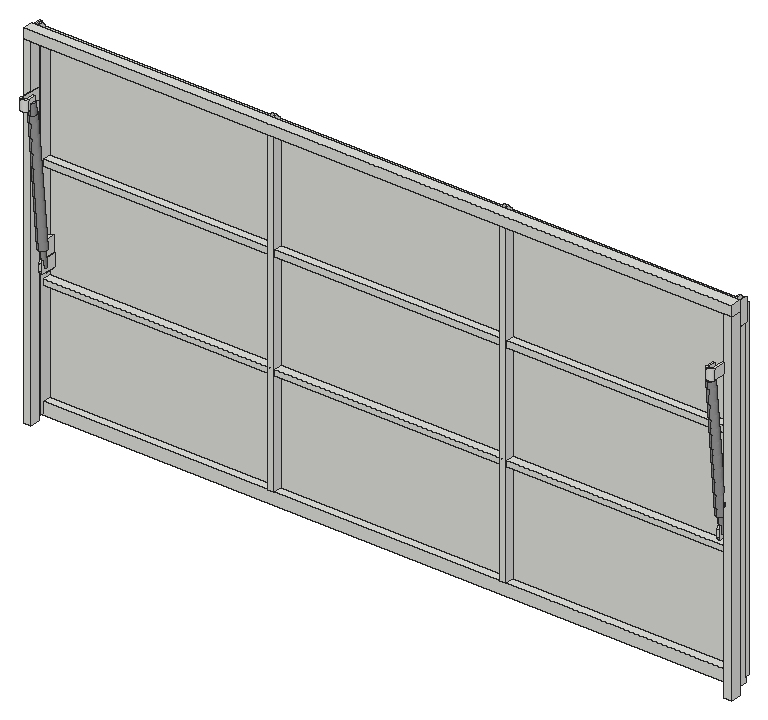
Revit family "Door-Hydraulic-PowerLift-Junior_Frame", category Doors, host Wall, Revit 2026
Family settings
  Host = Wall
  Classification Number = 23.30.10.00
  Always vertical = Yes
  Cut with Voids When Loaded = No
  Shared = No
  Room Calculation Point = No
Parameters (values of type "20'W x 10'H")
  Vertical Rail Spacing [instance] = 6' - 0"
  URL = "https://powerliftdoors.com/"
  Type Comments = "Door models are generic and may be resized in architectural software (Revit). Door construction materials (e.g. number of crossmembers, verticals, and all material sizes) may change for your project based on a number of factors including but not limited to cladding material, interior/exterior sheeting, insulation, and wind load design requirements in your area.\r\n\r\nDetail items such as top and bottom door seals, header and jamb fixing components, hoses, pumps, and pins are not included in these models as installation requirements vary depending on factors such as header and jamb material, thickness/depth, and mounting style (inside or outside mount). Omitting such details also minimizes file size.\r\n\r\nFor details regarding different installation configurations, fixing requirements, seal details, and any further questions, please visit www.powerliftdoors.com or contact Powerlift Doors directly at 1-855-368-9595.\r\n"
  Rough Width = Width  # 20' - 0"
  Rough Opening Width [instance] = if(Outside Mount, Width - (0' 2 1/2" * 2), Width)  # 19' - 7"
  Rough Opening Height [instance] = if(Outside Mount, Height - 0' 3 1/2", Height)  # 9' - 8 1/2"
  Rough Height = Height  # 10' - 0"
  Outside Mount [instance] = not(Inside Mount)  # yes
  Model = "Junior Frame"
  Metal Sheeting Thickness [instance] = 0' - 1"
  Metal Sheeting Material [instance] = Steel - PowerLift
  Manufacturer Website = ""
  Manufacturer Phone - Toll Free = "855-368-9595"
  Manufacturer Phone = "507-368-9500"
  Manufacturer Fax = "507-368-1358"
  Manufacturer Email = "https://powerliftdoors.com/contact/"
  Manufacturer Address = "1482 200th Ave., P.O. Box 311, Lake Benton, MN 56149"
  Manufacturer = "PowerLift Hydraulic Doors"
  Inside Mount [instance] = no
  Horizontal Rail Spacing [instance] = 3' - 0"
  Function = Exterior
  Height = 10' - 0"
  Wall Closure = By host
  Width = 20' - 0"
  Frame Offset [instance] = if(Inside Mount, 0' 7" + Metal Sheeting Thickness, 0' 0")  # 0' - 0"
  Frame Material [instance] = Steel - PowerLift
  Door Open [instance] = no
  Door Closed [instance] = not(Door Open)  # yes
  Description = "Hydraulic Door - Junior Frame"
  Bottom Truss Interior [instance] = no
  Bottom Truss Exterior [instance] = not(Bottom Truss Interior)  # yes
Types (24): name | Type Comments | Rough Width | Rough Opening Width | Rough Opening Height | Rough Height | Height | Width
  18'W x 14'H | "" | 18' - 0" | 17' - 7" | 13' - 8 1/2" | 14' - 0" | 14' - 0" | 18' - 0"
  20'W x 8'H | "Door models are generic and may be resized in architectural software (Revit). Door construction materials (e.g. number of crossmembers, verticals, and all material sizes) may change for your project based on a number of factors including but not limited to cladding material, interior/exterior sheeting, insulation, and wind load design requirements in your area.\r\n\r\nDetail items such as top and bottom door seals, header and jamb fixing components, hoses, pumps, and pins are not included in these models as installation requirements vary depending on factors such as header and jamb material, thickness/depth, and mounting style (inside or outside mount). Omitting such details also minimizes file size.\r\n\r\nFor details regarding different installation configurations, fixing requirements, seal details, and any further questions, please visit www.powerliftdoors.com or contact Powerlift Doors directly at 1-855-368-9595.\r\n" | 20' - 0" | 19' - 7" | 7' - 8 1/2" | 8' - 0" | 8' - 0" | 20' - 0"
  20'W x 10'H | "Door models are generic and may be resized in architectural software (Revit). Door construction materials (e.g. number of crossmembers, verticals, and all material sizes) may change for your project based on a number of factors including but not limited to cladding material, interior/exterior sheeting, insulation, and wind load design requirements in your area.\r\n\r\nDetail items such as top and bottom door seals, header and jamb fixing components, hoses, pumps, and pins are not included in these models as installation requirements vary depending on factors such as header and jamb material, thickness/depth, and mounting style (inside or outside mount). Omitting such details also minimizes file size.\r\n\r\nFor details regarding different installation configurations, fixing requirements, seal details, and any further questions, please visit www.powerliftdoors.com or contact Powerlift Doors directly at 1-855-368-9595.\r\n" | 20' - 0" | 19' - 7" | 9' - 8 1/2" | 10' - 0" | 10' - 0" | 20' - 0"
  20'W x 12'H | "Door models are generic and may be resized in architectural software (Revit). Door construction materials (e.g. number of crossmembers, verticals, and all material sizes) may change for your project based on a number of factors including but not limited to cladding material, interior/exterior sheeting, insulation, and wind load design requirements in your area.\r\n\r\nDetail items such as top and bottom door seals, header and jamb fixing components, hoses, pumps, and pins are not included in these models as installation requirements vary depending on factors such as header and jamb material, thickness/depth, and mounting style (inside or outside mount). Omitting such details also minimizes file size.\r\n\r\nFor details regarding different installation configurations, fixing requirements, seal details, and any further questions, please visit www.powerliftdoors.com or contact Powerlift Doors directly at 1-855-368-9595.\r\n" | 20' - 0" | 19' - 7" | 11' - 8 1/2" | 12' - 0" | 12' - 0" | 20' - 0"
  20'W x 14'H | "Door models are generic and may be resized in architectural software (Revit). Door construction materials (e.g. number of crossmembers, verticals, and all material sizes) may change for your project based on a number of factors including but not limited to cladding material, interior/exterior sheeting, insulation, and wind load design requirements in your area.\r\n\r\nDetail items such as top and bottom door seals, header and jamb fixing components, hoses, pumps, and pins are not included in these models as installation requirements vary depending on factors such as header and jamb material, thickness/depth, and mounting style (inside or outside mount). Omitting such details also minimizes file size.\r\n\r\nFor details regarding different installation configurations, fixing requirements, seal details, and any further questions, please visit www.powerliftdoors.com or contact Powerlift Doors directly at 1-855-368-9595.\r\n" | 20' - 0" | 19' - 7" | 13' - 8 1/2" | 14' - 0" | 14' - 0" | 20' - 0"
  22'W x 8'H | "Door models are generic and may be resized in architectural software (Revit). Door construction materials (e.g. number of crossmembers, verticals, and all material sizes) may change for your project based on a number of factors including but not limited to cladding material, interior/exterior sheeting, insulation, and wind load design requirements in your area.\r\n\r\nDetail items such as top and bottom door seals, header and jamb fixing components, hoses, pumps, and pins are not included in these models as installation requirements vary depending on factors such as header and jamb material, thickness/depth, and mounting style (inside or outside mount). Omitting such details also minimizes file size.\r\n\r\nFor details regarding different installation configurations, fixing requirements, seal details, and any further questions, please visit www.powerliftdoors.com or contact Powerlift Doors directly at 1-855-368-9595.\r\n" | 22' - 0" | 21' - 7" | 7' - 8 1/2" | 8' - 0" | 8' - 0" | 22' - 0"
  22'W x 10'H | "Door models are generic and may be resized in architectural software (Revit). Door construction materials (e.g. number of crossmembers, verticals, and all material sizes) may change for your project based on a number of factors including but not limited to cladding material, interior/exterior sheeting, insulation, and wind load design requirements in your area.\r\n\r\nDetail items such as top and bottom door seals, header and jamb fixing components, hoses, pumps, and pins are not included in these models as installation requirements vary depending on factors such as header and jamb material, thickness/depth, and mounting style (inside or outside mount). Omitting such details also minimizes file size.\r\n\r\nFor details regarding different installation configurations, fixing requirements, seal details, and any further questions, please visit www.powerliftdoors.com or contact Powerlift Doors directly at 1-855-368-9595.\r\n" | 22' - 0" | 21' - 7" | 9' - 8 1/2" | 10' - 0" | 10' - 0" | 22' - 0"
  22'W x 12'H | "Door models are generic and may be resized in architectural software (Revit). Door construction materials (e.g. number of crossmembers, verticals, and all material sizes) may change for your project based on a number of factors including but not limited to cladding material, interior/exterior sheeting, insulation, and wind load design requirements in your area.\r\n\r\nDetail items such as top and bottom door seals, header and jamb fixing components, hoses, pumps, and pins are not included in these models as installation requirements vary depending on factors such as header and jamb material, thickness/depth, and mounting style (inside or outside mount). Omitting such details also minimizes file size.\r\n\r\nFor details regarding different installation configurations, fixing requirements, seal details, and any further questions, please visit www.powerliftdoors.com or contact Powerlift Doors directly at 1-855-368-9595.\r\n" | 22' - 0" | 21' - 7" | 11' - 8 1/2" | 12' - 0" | 12' - 0" | 22' - 0"
  22'W x 14'H | "Door models are generic and may be resized in architectural software (Revit). Door construction materials (e.g. number of crossmembers, verticals, and all material sizes) may change for your project based on a number of factors including but not limited to cladding material, interior/exterior sheeting, insulation, and wind load design requirements in your area.\r\n\r\nDetail items such as top and bottom door seals, header and jamb fixing components, hoses, pumps, and pins are not included in these models as installation requirements vary depending on factors such as header and jamb material, thickness/depth, and mounting style (inside or outside mount). Omitting such details also minimizes file size.\r\n\r\nFor details regarding different installation configurations, fixing requirements, seal details, and any further questions, please visit www.powerliftdoors.com or contact Powerlift Doors directly at 1-855-368-9595.\r\n" | 22' - 0" | 21' - 7" | 13' - 8 1/2" | 14' - 0" | 14' - 0" | 22' - 0"
  24'W x 8'H | "Door models are generic and may be resized in architectural software (Revit). Door construction materials (e.g. number of crossmembers, verticals, and all material sizes) may change for your project based on a number of factors including but not limited to cladding material, interior/exterior sheeting, insulation, and wind load design requirements in your area.\r\n\r\nDetail items such as top and bottom door seals, header and jamb fixing components, hoses, pumps, and pins are not included in these models as installation requirements vary depending on factors such as header and jamb material, thickness/depth, and mounting style (inside or outside mount). Omitting such details also minimizes file size.\r\n\r\nFor details regarding different installation configurations, fixing requirements, seal details, and any further questions, please visit www.powerliftdoors.com or contact Powerlift Doors directly at 1-855-368-9595.\r\n" | 24' - 0" | 23' - 7" | 7' - 8 1/2" | 8' - 0" | 8' - 0" | 24' - 0"
  24'W x 10'H | "Door models are generic and may be resized in architectural software (Revit). Door construction materials (e.g. number of crossmembers, verticals, and all material sizes) may change for your project based on a number of factors including but not limited to cladding material, interior/exterior sheeting, insulation, and wind load design requirements in your area.\r\n\r\nDetail items such as top and bottom door seals, header and jamb fixing components, hoses, pumps, and pins are not included in these models as installation requirements vary depending on factors such as header and jamb material, thickness/depth, and mounting style (inside or outside mount). Omitting such details also minimizes file size.\r\n\r\nFor details regarding different installation configurations, fixing requirements, seal details, and any further questions, please visit www.powerliftdoors.com or contact Powerlift Doors directly at 1-855-368-9595.\r\n" | 24' - 0" | 23' - 7" | 9' - 8 1/2" | 10' - 0" | 10' - 0" | 24' - 0"
  24'W x 12'H | "Door models are generic and may be resized in architectural software (Revit). Door construction materials (e.g. number of crossmembers, verticals, and all material sizes) may change for your project based on a number of factors including but not limited to cladding material, interior/exterior sheeting, insulation, and wind load design requirements in your area.\r\n\r\nDetail items such as top and bottom door seals, header and jamb fixing components, hoses, pumps, and pins are not included in these models as installation requirements vary depending on factors such as header and jamb material, thickness/depth, and mounting style (inside or outside mount). Omitting such details also minimizes file size.\r\n\r\nFor details regarding different installation configurations, fixing requirements, seal details, and any further questions, please visit www.powerliftdoors.com or contact Powerlift Doors directly at 1-855-368-9595.\r\n" | 24' - 0" | 23' - 7" | 11' - 8 1/2" | 12' - 0" | 12' - 0" | 24' - 0"
  24'W x 14'H | "Door models are generic and may be resized in architectural software (Revit). Door construction materials (e.g. number of crossmembers, verticals, and all material sizes) may change for your project based on a number of factors including but not limited to cladding material, interior/exterior sheeting, insulation, and wind load design requirements in your area.\r\n\r\nDetail items such as top and bottom door seals, header and jamb fixing components, hoses, pumps, and pins are not included in these models as installation requirements vary depending on factors such as header and jamb material, thickness/depth, and mounting style (inside or outside mount). Omitting such details also minimizes file size.\r\n\r\nFor details regarding different installation configurations, fixing requirements, seal details, and any further questions, please visit www.powerliftdoors.com or contact Powerlift Doors directly at 1-855-368-9595.\r\n" | 24' - 0" | 23' - 7" | 13' - 8 1/2" | 14' - 0" | 14' - 0" | 24' - 0"
  26'W x 8'H | "Door models are generic and may be resized in architectural software (Revit). Door construction materials (e.g. number of crossmembers, verticals, and all material sizes) may change for your project based on a number of factors including but not limited to cladding material, interior/exterior sheeting, insulation, and wind load design requirements in your area.\r\n\r\nDetail items such as top and bottom door seals, header and jamb fixing components, hoses, pumps, and pins are not included in these models as installation requirements vary depending on factors such as header and jamb material, thickness/depth, and mounting style (inside or outside mount). Omitting such details also minimizes file size.\r\n\r\nFor details regarding different installation configurations, fixing requirements, seal details, and any further questions, please visit www.powerliftdoors.com or contact Powerlift Doors directly at 1-855-368-9595.\r\n" | 26' - 0" | 25' - 7" | 7' - 8 1/2" | 8' - 0" | 8' - 0" | 26' - 0"
  26'W x 10'H | "Door models are generic and may be resized in architectural software (Revit). Door construction materials (e.g. number of crossmembers, verticals, and all material sizes) may change for your project based on a number of factors including but not limited to cladding material, interior/exterior sheeting, insulation, and wind load design requirements in your area.\r\n\r\nDetail items such as top and bottom door seals, header and jamb fixing components, hoses, pumps, and pins are not included in these models as installation requirements vary depending on factors such as header and jamb material, thickness/depth, and mounting style (inside or outside mount). Omitting such details also minimizes file size.\r\n\r\nFor details regarding different installation configurations, fixing requirements, seal details, and any further questions, please visit www.powerliftdoors.com or contact Powerlift Doors directly at 1-855-368-9595.\r\n" | 26' - 0" | 25' - 7" | 9' - 8 1/2" | 10' - 0" | 10' - 0" | 26' - 0"
  26'W x 12'H | "Door models are generic and may be resized in architectural software (Revit). Door construction materials (e.g. number of crossmembers, verticals, and all material sizes) may change for your project based on a number of factors including but not limited to cladding material, interior/exterior sheeting, insulation, and wind load design requirements in your area.\r\n\r\nDetail items such as top and bottom door seals, header and jamb fixing components, hoses, pumps, and pins are not included in these models as installation requirements vary depending on factors such as header and jamb material, thickness/depth, and mounting style (inside or outside mount). Omitting such details also minimizes file size.\r\n\r\nFor details regarding different installation configurations, fixing requirements, seal details, and any further questions, please visit www.powerliftdoors.com or contact Powerlift Doors directly at 1-855-368-9595.\r\n" | 26' - 0" | 25' - 7" | 11' - 8 1/2" | 12' - 0" | 12' - 0" | 26' - 0"
  26'W x 14'H | "Door models are generic and may be resized in architectural software (Revit). Door construction materials (e.g. number of crossmembers, verticals, and all material sizes) may change for your project based on a number of factors including but not limited to cladding material, interior/exterior sheeting, insulation, and wind load design requirements in your area.\r\n\r\nDetail items such as top and bottom door seals, header and jamb fixing components, hoses, pumps, and pins are not included in these models as installation requirements vary depending on factors such as header and jamb material, thickness/depth, and mounting style (inside or outside mount). Omitting such details also minimizes file size.\r\n\r\nFor details regarding different installation configurations, fixing requirements, seal details, and any further questions, please visit www.powerliftdoors.com or contact Powerlift Doors directly at 1-855-368-9595.\r\n" | 26' - 0" | 25' - 7" | 13' - 8 1/2" | 14' - 0" | 14' - 0" | 26' - 0"
  28'W x 8'H | "Door models are generic and may be resized in architectural software (Revit). Door construction materials (e.g. number of crossmembers, verticals, and all material sizes) may change for your project based on a number of factors including but not limited to cladding material, interior/exterior sheeting, insulation, and wind load design requirements in your area.\r\n\r\nDetail items such as top and bottom door seals, header and jamb fixing components, hoses, pumps, and pins are not included in these models as installation requirements vary depending on factors such as header and jamb material, thickness/depth, and mounting style (inside or outside mount). Omitting such details also minimizes file size.\r\n\r\nFor details regarding different installation configurations, fixing requirements, seal details, and any further questions, please visit www.powerliftdoors.com or contact Powerlift Doors directly at 1-855-368-9595.\r\n" | 28' - 0" | 27' - 7" | 7' - 8 1/2" | 8' - 0" | 8' - 0" | 28' - 0"
  28'W x 10'H | "Door models are generic and may be resized in architectural software (Revit). Door construction materials (e.g. number of crossmembers, verticals, and all material sizes) may change for your project based on a number of factors including but not limited to cladding material, interior/exterior sheeting, insulation, and wind load design requirements in your area.\r\n\r\nDetail items such as top and bottom door seals, header and jamb fixing components, hoses, pumps, and pins are not included in these models as installation requirements vary depending on factors such as header and jamb material, thickness/depth, and mounting style (inside or outside mount). Omitting such details also minimizes file size.\r\n\r\nFor details regarding different installation configurations, fixing requirements, seal details, and any further questions, please visit www.powerliftdoors.com or contact Powerlift Doors directly at 1-855-368-9595.\r\n" | 28' - 0" | 27' - 7" | 9' - 8 1/2" | 10' - 0" | 10' - 0" | 28' - 0"
  28'W x 12'H | "Door models are generic and may be resized in architectural software (Revit). Door construction materials (e.g. number of crossmembers, verticals, and all material sizes) may change for your project based on a number of factors including but not limited to cladding material, interior/exterior sheeting, insulation, and wind load design requirements in your area.\r\n\r\nDetail items such as top and bottom door seals, header and jamb fixing components, hoses, pumps, and pins are not included in these models as installation requirements vary depending on factors such as header and jamb material, thickness/depth, and mounting style (inside or outside mount). Omitting such details also minimizes file size.\r\n\r\nFor details regarding different installation configurations, fixing requirements, seal details, and any further questions, please visit www.powerliftdoors.com or contact Powerlift Doors directly at 1-855-368-9595.\r\n" | 28' - 0" | 27' - 7" | 11' - 8 1/2" | 12' - 0" | 12' - 0" | 28' - 0"
  28'W x 14'H | "Door models are generic and may be resized in architectural software (Revit). Door construction materials (e.g. number of crossmembers, verticals, and all material sizes) may change for your project based on a number of factors including but not limited to cladding material, interior/exterior sheeting, insulation, and wind load design requirements in your area.\r\n\r\nDetail items such as top and bottom door seals, header and jamb fixing components, hoses, pumps, and pins are not included in these models as installation requirements vary depending on factors such as header and jamb material, thickness/depth, and mounting style (inside or outside mount). Omitting such details also minimizes file size.\r\n\r\nFor details regarding different installation configurations, fixing requirements, seal details, and any further questions, please visit www.powerliftdoors.com or contact Powerlift Doors directly at 1-855-368-9595.\r\n" | 28' - 0" | 27' - 7" | 13' - 8 1/2" | 14' - 0" | 14' - 0" | 28' - 0"
  30'W x 8'H | "Door models are generic and may be resized in architectural software (Revit). Door construction materials (e.g. number of crossmembers, verticals, and all material sizes) may change for your project based on a number of factors including but not limited to cladding material, interior/exterior sheeting, insulation, and wind load design requirements in your area.\r\n\r\nDetail items such as top and bottom door seals, header and jamb fixing components, hoses, pumps, and pins are not included in these models as installation requirements vary depending on factors such as header and jamb material, thickness/depth, and mounting style (inside or outside mount). Omitting such details also minimizes file size.\r\n\r\nFor details regarding different installation configurations, fixing requirements, seal details, and any further questions, please visit www.powerliftdoors.com or contact Powerlift Doors directly at 1-855-368-9595.\r\n" | 30' - 0" | 29' - 7" | 7' - 8 1/2" | 8' - 0" | 8' - 0" | 30' - 0"
  30'W x 10'H | "Door models are generic and may be resized in architectural software (Revit). Door construction materials (e.g. number of crossmembers, verticals, and all material sizes) may change for your project based on a number of factors including but not limited to cladding material, interior/exterior sheeting, insulation, and wind load design requirements in your area.\r\n\r\nDetail items such as top and bottom door seals, header and jamb fixing components, hoses, pumps, and pins are not included in these models as installation requirements vary depending on factors such as header and jamb material, thickness/depth, and mounting style (inside or outside mount). Omitting such details also minimizes file size.\r\n\r\nFor details regarding different installation configurations, fixing requirements, seal details, and any further questions, please visit www.powerliftdoors.com or contact Powerlift Doors directly at 1-855-368-9595.\r\n" | 30' - 0" | 29' - 7" | 9' - 8 1/2" | 10' - 0" | 10' - 0" | 30' - 0"
  30'W x 12'H | "Door models are generic and may be resized in architectural software (Revit). Door construction materials (e.g. number of crossmembers, verticals, and all material sizes) may change for your project based on a number of factors including but not limited to cladding material, interior/exterior sheeting, insulation, and wind load design requirements in your area.\r\n\r\nDetail items such as top and bottom door seals, header and jamb fixing components, hoses, pumps, and pins are not included in these models as installation requirements vary depending on factors such as header and jamb material, thickness/depth, and mounting style (inside or outside mount). Omitting such details also minimizes file size.\r\n\r\nFor details regarding different installation configurations, fixing requirements, seal details, and any further questions, please visit www.powerliftdoors.com or contact Powerlift Doors directly at 1-855-368-9595.\r\n" | 30' - 0" | 29' - 7" | 11' - 8 1/2" | 12' - 0" | 12' - 0" | 30' - 0"
Reference planes (in)
  plane 1 "Center (Front/Back)": y = 0
  plane 2 "Center (Left/Right)": x = 0
  plane 3 "Left": x = -120
  plane 4 "Right": x = 120
  plane 5 "Top": z = 120
  plane 6 "Exterior": y = 12
  plane 7 "Interior": y = -12
  plane 8 "Door Frame Host": y = 12
  plane 9: x = -117.5
  plane 10: x = 117.5
  plane 11 "Cylinder Left": x = -114.875
  plane 12 "Cylinder Right": x = 114.875
  plane 13 "Door Panel Host": y = 15.5
  plane 14 "Open Door Projection": y = 135.5
Forms (in)
  Extrusion 1, solid, material "Steel - PowerLift" <- "Frame Material"
    sketch origin (0, 0, 0) x (1, 0, 0) y (0, 1, 0)
      loop
        line (-120, 15.5) -> (-120, 12) -> (-117.5, 12) -> (-117.5, 15.5) -> (-120, 15.5)
      loop
        line (117.5, 15.5) -> (117.5, 12) -> (120, 12) -> (120, 15.5) -> (117.5, 15.5)
    from 0 to 116.5
  Extrusion 2, solid, material "Steel - PowerLift" <- "Frame Material"
    sketch origin (0, 0, 0) x (0, 1, 0) y (0, 0, 1)
      loop
        line (12, 120) -> (12, 116.5) -> (15.5, 116.5) -> (15.5, 120) -> (12, 120)
    from -120 to 120
  Extrusion 3, solid, material "Steel - PowerLift" <- "Frame Material", visible <- "Inside Mount"
    sketch origin (120, 0, 0) x (0, -1, 0) y (0, 0, 1)
      loop
        line (-12, 119) -> (-12, 85) -> (-8.5, 88.5) -> (-8.5, 115.5) -> (-12, 119)
    from 0 to 2.5
  Extrusion 4, solid, material "Steel - PowerLift" <- "Frame Material", visible <- "Inside Mount", detail levels medium+fine
    sketch origin (-120, 0, 0) x (0, -1, 0) y (0, 0, 1)
      loop
        line (-12, 119) -> (-12, 85) -> (-8.5, 88.5) -> (-8.5, 115.5) -> (-12, 119)
    from 0 to -2.5
  Extrusion 5, solid, material "Steel - PowerLift" <- "Frame Material", detail levels medium+fine
    sketch origin (0, 0, 0) x (1, 0, 0) y (0, 1, 0)
      loop
        line (-117.5, 14.5) -> (-117.5, 8)
        arc (-117.5, 8) -> (-116.1875, 6.6875) -> (-114.875, 8) r 1.3125
        line (-114.875, 8) -> (-114.875, 10.5) -> (-115.5, 10.5) -> (-115.5, 8)
        arc (-115.5, 8) -> (-116.1875, 7.3125) -> (-116.875, 8) r 0.6875
        line (-116.875, 8) -> (-116.875, 14.5) -> (-117.5, 14.5)
      loop
        line (117.5, 14.5) -> (116.875, 14.5) -> (116.875, 8)
        arc (116.875, 8) -> (116.1875, 7.3125) -> (115.5, 8) r 0.6875
        line (115.5, 8) -> (115.5, 10.5) -> (114.875, 10.5) -> (114.875, 8)
        arc (114.875, 8) -> (116.1875, 6.6875) -> (117.5, 8) r 1.3125
        line (117.5, 8) -> (117.5, 14.5)
    from 98.25 to 101.75
Lines and regions (in)
  Opening 1
    outline origin (-90, -12, 0) x (1, 0, 0) y (0, 0, 1)
      loop
        line (-27.5, 0) -> (207.5, 0) -> (207.5, 116.5) -> (-27.5, 116.5) -> (-27.5, 0)
  symbolic lines, style "Elevation Swing"
    curve 1: line (-120, 12, 0) -> (0, 12, 120)
    curve 2: line (0, 12, 120) -> (120, 12, 0)
    curve 7: line (-120, 12, 0) -> (-120, 133.5, 0)
    curve 8: line (-120, 133.5, 0) -> (120, 133.5, 0)
    curve 9: line (120, 133.5, 0) -> (120, 12, 0)
  reference lines
    curve 3: line (-114.875, 9.28735, 99.50365) -> (-114.875, 14.21265, 49.12135)
    curve 4: line (114.875, 9.28735, 99.50365) -> (114.875, 14.21265, 49.12135)
    curve 5: line (114.875, 9.28735, 99.50365) -> (114.875, 86.37865, 114.96265)
    curve 6: line (-114.875, 9.28735, 99.50365) -> (-114.875, 86.37865, 114.96265)
Text (in)
  text "Exterior" at (-74.96733, 27.31104, 0), in view "Ref. Level"
  text "Interior" at (-74.96733, -25.14366, 0), in view "Ref. Level"
  text "Exterior" at (0, 40.15149, 123.01588), in view "Right"
  text "Interior" at (0, -64.39139, 123.01588), in view "Right"
  text "Interior" at (0, -31.01599, 223.00693), in view "Left"
  text "Exterior" at (0, 54.57065, 223.00693), in view "Left"
Dimensions and locks (in)
  equal spacing: plane 3 "Left", plane 2 "Center (Left/Right)", plane 4 "Right"
  "Width": plane 3 "Left" to plane 4 "Right"
  "Frame Offset": plane 8 "Door Frame Host" to plane 6 "Exterior"
  locked: Extrusion 1 sketch curve to plane 8 "Door Frame Host" at 3.5  (x2)
  locked: Extrusion 1 sketch curve to plane 4 "Right" at 2.5
  locked: plane 3 "Left" to Extrusion 1 sketch curve at 2.5
  locked: Extrusion 1 to plane 5 "Top" at 3.5
  "Height": level to plane 5 "Top"
  locked: plane 8 "Door Frame Host" to Extrusion 2 sketch curve at 3.5
  locked: Extrusion 2 sketch curve to plane 5 "Top" at 3.5
  Extrusion 3 sketch curve to Extrusion 3 sketch curve to Extrusion 3 sketch curve to Extrusion 3 sketch curve to plane 5 "Top" = 0' - 3 1/2" locked, 2' - 3" locked, 0' - 3 1/2" locked, 0' - 1" locked
  locked: Extrusion 3 sketch curve to plane 8 "Door Frame Host" at 3.5
  locked: plane 3 "Left" to plane 9 at 2.5
  locked: plane 10 to plane 4 "Right" at 2.5
  locked: plane 8 "Door Frame Host" to Extrusion 4 sketch curve at 3.5
  Extrusion 4 sketch curve to Extrusion 4 sketch curve to Extrusion 4 sketch curve to Extrusion 4 sketch curve to plane 5 "Top" = 0' - 3 1/2" locked, 2' - 3" locked, 0' - 3 1/2" locked, 0' - 1" locked
  plane 9 to Extrusion 5 sketch curve to Extrusion 5 sketch curve to Extrusion 5 sketch curve = 0' - 0 5/8" locked, 0' - 1 3/8" locked, 0' - 0 5/8" locked
  Extrusion 5 sketch curve to plane 8 "Door Frame Host" to Extrusion 5 sketch curve to Extrusion 5 sketch curve to Extrusion 5 sketch curve = 0' - 2 1/2" locked, 0' - 1 1/2" locked, 0' - 3 3/16" locked, 0' - 0 5/8" locked  (x2)
  Extrusion 5 sketch curve to Extrusion 5 sketch curve to Extrusion 5 sketch curve to plane 10 = 0' - 0 5/8" locked, 0' - 1 3/8" locked, 0' - 0 5/8" locked
  Extrusion 5 to Extrusion 5 to plane 5 "Top" = 0' - 3 1/2" locked, 1' - 6 1/4" locked
  curve 3 to plane 8 "Door Frame Host" to curve 3 = 0' - 2.21265" locked, 0' - 2.71265" locked
  curve 3 to curve 3 to plane 5 "Top" = 4' - 2.3823" locked, 1' - 8.49635" locked
  locked: plane 3 "Left" to plane 11 "Cylinder Left" at 5.125
  locked: plane 12 "Cylinder Right" to plane 4 "Right" at 5.125
  curve 4 to curve 4 to plane 5 "Top" = 4' - 2.3823" locked, 1' - 8.49635" locked
  locked: plane 8 "Door Frame Host" to curve 4 at 2.71265
  locked: curve 4 to plane 8 "Door Frame Host" at 2.21265
  locked: plane 13 "Door Panel Host" to plane 8 "Door Frame Host" at 3.5
  "Height": plane 14 "Open Door Projection" to plane 13 "Door Panel Host"
  locked: curve 5 to plane 5 "Top" at 5.03735
  locked: plane 13 "Door Panel Host" to curve 5 at 70.87865
  locked: curve 6 to plane 5 "Top" at 5.03735
  locked: curve 6 to plane 13 "Door Panel Host" at 70.87865
  locked: plane 14 "Open Door Projection" to curve 8 at 2
  equal spacing: Opening 1 sketch curve, plane 2 "Center (Left/Right)", Opening 1 sketch curve
  "Rough Opening Width": Opening 1 sketch curve to Opening 1 sketch curve
  "Rough Opening Height": Opening 1 sketch curve to level
  aligned and locked: plane 6 "Exterior" to host wall
  aligned and locked: host wall to plane 7 "Interior"
  aligned and locked: plane 8 "Door Frame Host" to Extrusion 1 sketch curve  (x2)
  aligned and locked: Extrusion 1 sketch curve to plane 3 "Left"
  aligned and locked: plane 4 "Right" to Extrusion 1 sketch curve
  aligned and locked: plane 8 "Door Frame Host" to Extrusion 2 sketch curve
  aligned and locked: plane 5 "Top" to Extrusion 2 sketch curve
  aligned and locked: plane 8 "Door Frame Host" to Extrusion 3 sketch curve
  aligned and locked: Extrusion 3 to plane 10
  aligned and locked: Extrusion 4 sketch curve to plane 8 "Door Frame Host"
  aligned and locked: plane 9 to Extrusion 4
  aligned and locked: plane 3 "Left" to Extrusion 2
  aligned and locked: Extrusion 2 to plane 4 "Right"
  aligned and locked: Extrusion 5 sketch curve to plane 9
  aligned and locked: Extrusion 5 sketch curve to plane 10
  aligned and locked: plane 2 "Center (Left/Right)" to nested 1
  aligned and locked: nested 1 to plane 13 "Door Panel Host"
  aligned and locked: nested 2 to curve 4
  aligned and locked: nested 3 to curve 3
  aligned and locked: plane 11 "Cylinder Left" to nested 3
  aligned and locked: plane 2 "Center (Left/Right)" to nested 4
  aligned and locked: nested 4 to plane 14 "Open Door Projection"
  aligned and locked: level to curve 2
  aligned and locked: plane 4 "Right" to curve 2
  aligned and locked: plane 3 "Left" to curve 1
  aligned and locked: level to curve 1
  aligned and locked: plane 5 "Top" to curve 2
  aligned and locked: plane 2 "Center (Left/Right)" to curve 2
  aligned and locked: nested 4 to plane 5 "Top"
  aligned and locked: nested 5 to curve 5
  aligned and locked: nested 6 to curve 6  (x2)
  aligned and locked: curve 7 to plane 3 "Left"
  aligned and locked: curve 9 to plane 4 "Right"
  aligned and locked: Opening 1 sketch curve to level
Automatic sketch dimensions
  curve 9 to host wall = 0' - 0"
  curve 7 to host wall = 0' - 0"
Nested families (in)
  nested 1: "Door-PowerLift-Junior_Frame-Front" at (0, 15.5, 0), visible <- "Door Closed", type "Door-PowerLift-Junior_Frame-Front"
    with Metal Sheeting Bottom Extension 0' - 4", Width 20' - 0", Vertical Bay Cantilever 6' - 6.66667", Horizontal Rail Array Quantity Auxiliary 2, Horizontal Rail Array Quantity 2, Horizontal Bay Cantilever 3' - 0.29167", Bottom Truss Rail Array 7, Height 10' - 0"
  nested 2: "Door-PowerLift-Cylinder" at (114.875, 14.21265, 49.12135) x (-1, 0, 0) z (0, -0.0973, 0.9953), visible <- "Door Closed", type "Door-PowerLift-Cylinder", detail levels medium+fine
  nested 3: "Door-PowerLift-Cylinder" at (-114.875, 14.21265, 49.12135) x (1, 0, 0) z (0, -0.0973, 0.9953), visible <- "Door Closed", type "Door-PowerLift-Cylinder", detail levels medium+fine
    with Axis to Axis Distance 4' - 2.62248"
  nested 4: "Door-PowerLift-Junior_Frame-Front" at (0, 135.5, 115.5) x (1, 0, 0) z (0, -1, 0), visible <- "Door Open", type "Door-PowerLift-Junior_Frame-Front"
    with Metal Sheeting Bottom Extension 0' - 4", Width 20' - 0", Vertical Bay Cantilever 6' - 6.66667", Horizontal Rail Array Quantity Auxiliary 2, Horizontal Rail Array Quantity 2, Horizontal Bay Cantilever 3' - 0.29167", Bottom Truss Rail Array 7, Height 10' - 0"
  nested 5: "Door-PowerLift-Cylinder" at (114.875, 86.37865, 114.96265) x (-1, 0, 0) z (0, -0.9805, -0.1966), visible <- "Door Open", type "Door-PowerLift-Cylinder", detail levels medium+fine
    with Axis to Axis Distance 6' - 6 5/8"
  nested 6: "Door-PowerLift-Cylinder" at (-114.875, 86.37865, 114.96265) x (1, 0, 0) z (0, -0.9805, -0.1966), visible <- "Door Open", type "Door-PowerLift-Cylinder", detail levels medium+fine
    with Axis to Axis Distance 6' - 6 5/8"
Definition of nested family "Door-PowerLift-Junior_Frame-Front"
  Parameters (values of type "Door-PowerLift-Junior_Frame-Front")
    Width = 18' - 0"
    Vertical Rail No Array = not(Vertical Rail Array)  # no
    Vertical Rail Array Quantity Auxiliary = if(Vertical Rail Array Quantity > 1, Vertical Rail Array Quantity, 2)  # 2
    Vertical Rail Array Quantity = ((Width - (0' 2" * 2)) / Vertical Bay Spacing) - 1  # 2
    Vertical Bay Spacing = 6' - 0"
    Vertical Bay Cantilever = (Width - (0' 2" * 2)) / (Vertical Rail Array Quantity + 1)  # 5' - 10.66667"
    Metal Sheeting Thickness = 0' - 1"
    Metal Sheeting Material = none
    Metal Sheeting Bottom Extension [instance] = if(Bottom Truss Interior, 0' 2", 0' 4")  # 0' - 4"
    Horizontal Rail No Array = not(Horizontal Rail Array)  # no
    Horizontal Rail Array Quantity Auxiliary = if(Horizontal Rail Array Quantity > 1, Horizontal Rail Array Quantity, 2)  # 3
    Horizontal Rail Array Quantity = ((Height - 0' 5 1/8" - 0' 6") / Horizontal Bay Spacing) - 1  # 3
    Horizontal Rail Array = Horizontal Rail Array Quantity > 1  # yes
    Horizontal Bay Spacing = 3' - 0"
    Vertical Rail Array = Vertical Rail Array Quantity > 1  # yes
    Horizontal Bay Cantilever = (Height - 0' 5 1/8" - 0' 6") / (Horizontal Rail Array Quantity + 1)  # 3' - 3 7/32"
    Frame Material = none
    Bottom Truss Rail Array = ((Width - (1' 4 1/2" * 2)) / 2' 10 1/2") + 1  # 6
    Height = 14' - 0"
    Default Elevation = 0' - 0"
    Bottom Truss Interior = no
    Bottom Truss Exterior = not(Bottom Truss Interior)  # yes
  Reference planes (in)
    plane 1 "Center (Front/Back)": y = 0
    plane 2: z = 0
    plane 3 "Center (Left/Right)": x = 0
    plane 4 "Left": x = -108
    plane 5 "Right": x = 108
    plane 6 "Top": z = 168
    plane 7: x = -91.5
    plane 8: x = 91.5
    plane 9: y = 3.5
    plane 10: x = -106
    plane 11: x = 106
    plane 12: x = -35.33333
    plane 13: x = 35.33333
    plane 14: y = 4.5
    plane 15: z = 45.21875
    plane 16: z = 123.65625
    plane 17: z = 162.875
    plane 18: z = 6
    plane 19: z = 84.4375
  Forms (in)
    Extrusion 1, solid, material <- "Frame Material"
      sketch origin (0, 0, 0) x (1, 0, 0) y (0, 0, 1)
        loop
          line (-107.25, 165.375) -> (-107.25, 2) -> (-104.75, 2) -> (-104.75, 162.875) -> (104.75, 162.875) -> (104.75, 2) -> (107.25, 2) -> (107.25, 165.375) -> (-107.25, 165.375)
      from -3.5 to 0
    Extrusion 2, solid, material <- "Frame Material"
      sketch origin (0, 0, 0) x (0, 1, 0) y (0, 0, 1)
        loop
          line (0.5, 6) -> (0.5, 2) -> (3.5, 2) -> (3.5, 6) -> (0.5, 6)
      from -104.75 to 104.75
    Extrusion 3, solid, material <- "Frame Material", visible <- "Bottom Truss Exterior"
      sketch origin (0, 0, 0) x (1, 0, 0) y (0, 1, 0)
        loop
          line (-101.75736, 3.5) -> (-93, 12.25736) -> (-93, 13.5) -> (93, 13.5) -> (93, 12.25736) -> (101.75736, 3.5) -> (106, 3.5) -> (93, 16.5) -> (-93, 16.5) -> (-106, 3.5) -> (-101.75736, 3.5)
      from 2 to 4
    Extrusion 4, solid, material <- "Frame Material", visible <- "Bottom Truss Interior"
      sketch origin (0, 3.5, 0) x (1, 0, 0) y (0, 1, 0)
        loop
          line (-101.75736, -3) -> (-106, -3) -> (-93, -16) -> (93, -16) -> (106, -3) -> (101.75736, -3) -> (93, -11.75736) -> (93, -13) -> (-93, -13) -> (-93, -11.75736) -> (-101.75736, -3)
      from 2 to 4
    Extrusion 5, solid, material <- "Metal Sheeting Material"
      sketch origin (0, 0, 0) x (1, 0, 0) y (0, 1, 0)
        loop
          line (-107.25, 4.5) -> (-107.25, 3.5) -> (107.25, 3.5) -> (107.25, 4.5) -> (-107.25, 4.5)
      from 4 <- "Metal Sheeting Bottom Extension" to 165.375
    Extrusion 6, solid, material <- "Frame Material", detail levels medium+fine
      sketch origin (108, 0, 0) x (0, -1, 0) y (0, 0, -1)
        loop
          line (-3.375, -165.375) -> (-3.375, -166.875) -> (-2.375, -167.875) -> (-1.375, -167.875) -> (-0.375, -166.875) -> (-0.375, -165.375) -> (-3.375, -165.375)
      from -1.75 to -3.75
    Extrusion 7, void
      sketch origin (0, 0, 0) x (1, 0, 0) y (0, 0, 1)
        loop
          line (105.875, 165.75) -> (105.875, 167.875) -> (104.25, 167.875) -> (104.25, 165.75) -> (105.875, 165.75)
      from 0 to -3.5
    Extrusion 8, solid, material <- "Frame Material", detail levels medium+fine
      sketch origin (-108, 0, 0) x (0, -1, 0) y (0, 0, 1)
        loop
          line (0, 165.375) -> (0, 166.875) -> (-1, 167.875) -> (-2, 167.875) -> (-3, 166.875) -> (-3, 165.375) -> (0, 165.375)
      from -1.625 to -3.75
    Extrusion 9, void
      sketch origin (0, 0, 0) x (1, 0, 0) y (0, 0, 1)
        loop
          line (-105.875, 165.75) -> (-104.25, 165.75) -> (-104.25, 167.875) -> (-105.875, 167.875) -> (-105.875, 165.75)
      from 0 to -3.5
    Extrusion 10, solid, material <- "Frame Material", detail levels medium+fine
      sketch origin (108, 0, 0) x (0, -1, 0) y (0, 0, -1)
        loop
          line (-0.375, -167.125) -> (-0.375, -160.125)
          arc (-0.375, -160.125) -> (-0.52145, -159.77145) -> (-0.875, -159.625) r 0.5
          line (-0.875, -159.625) -> (-2.875, -159.625)
          arc (-2.875, -159.625) -> (-3.22855, -159.77145) -> (-3.375, -160.125) r 0.5
          line (-3.375, -160.125) -> (-3.375, -167.125)
          arc (-3.375, -167.125) -> (-3.22855, -167.47855) -> (-2.875, -167.625) r 0.5
          line (-2.875, -167.625) -> (-0.875, -167.625)
          arc (-0.875, -167.625) -> (-0.52145, -167.47855) -> (-0.375, -167.125) r 0.5
      from -0.375 to -0.75
    Extrusion 11, solid, material <- "Frame Material", detail levels medium+fine
      sketch origin (-108, 0, 0) x (0, -1, 0) y (0, 0, 1)
        loop
          arc (-0.375, 167.125) -> (-0.52145, 167.47855) -> (-0.875, 167.625) r 0.5
          line (-0.875, 167.625) -> (-2.875, 167.625)
          arc (-2.875, 167.625) -> (-3.22855, 167.47855) -> (-3.375, 167.125) r 0.5
          line (-3.375, 167.125) -> (-3.375, 160.125)
          arc (-3.375, 160.125) -> (-3.22855, 159.77145) -> (-2.875, 159.625) r 0.5
          line (-2.875, 159.625) -> (-0.875, 159.625)
          arc (-0.875, 159.625) -> (-0.52145, 159.77145) -> (-0.375, 160.125) r 0.5
          line (-0.375, 160.125) -> (-0.375, 167.125)
      from -0.375 to -0.75
    Extrusion 12, solid, material <- "Frame Material", detail levels medium+fine
      sketch origin (0, 0, 0) x (1, 0, 0) y (0, 1, 0)
        loop
          line (-104.75, 3.5) -> (-104.75, 0.5) -> (-103.25, 0.5) -> (-103.25, 3.5) -> (-104.75, 3.5)
        loop
          line (104.75, 3.5) -> (103.25, 3.5) -> (103.25, 0.5) -> (104.75, 0.5) -> (104.75, 3.5)
      from 93.625 to 103.625
    Extrusion 13, solid, material <- "Frame Material", detail levels medium+fine
      sketch origin (108, 0, 0) x (0, -1, 0) y (0, 0, -1)
        loop
          arc (2, -98.625) -> (2.53033, -98.40533) -> (2.75, -97.875) r 0.75
          line (2.75, -97.875) -> (2.75, -95.375)
          arc (2.75, -95.375) -> (2.53033, -94.84467) -> (2, -94.625) r 0.75
          line (2, -94.625) -> (-3, -94.625) -> (-3, -98.625) -> (2, -98.625)
      from -5.5 to -4.75
    Extrusion 14, solid, material <- "Frame Material", detail levels medium+fine
      sketch origin (-108, 0, 0) x (0, -1, 0) y (0, 0, 1)
        loop
          line (2, 98.625) -> (-3, 98.625) -> (-3, 94.625) -> (2, 94.625)
          arc (2, 94.625) -> (2.53033, 94.84467) -> (2.75, 95.375) r 0.75
          line (2.75, 95.375) -> (2.75, 97.875)
          arc (2.75, 97.875) -> (2.53033, 98.40533) -> (2, 98.625) r 0.75
      from -5.5 to -4.75
  Cuts and joins
    Extrusion 7 cuts Extrusion 6
    Extrusion 9 cuts Extrusion 8
  Dimensions and locks (in)
    equal spacing: plane 4 "Left", plane 3 "Center (Left/Right)", plane 5 "Right"
    "Width": plane 4 "Left" to plane 5 "Right"
    locked: plane 4 "Left" to plane 7 at 16.5
    locked: plane 8 to plane 5 "Right" at 16.5
    "Height": plane 2 to plane 6 "Top"
    plane 5 "Right" to Extrusion 1 sketch curve to Extrusion 1 sketch curve = 0' - 0 3/4" locked, 0' - 2 1/2" locked
    plane 4 "Left" to Extrusion 1 sketch curve to Extrusion 1 sketch curve = 0' - 0 3/4" locked, 0' - 2 1/2" locked
    Extrusion 1 sketch curve to Extrusion 1 sketch curve to plane 6 "Top" = 0' - 2 1/2" locked, 0' - 2 5/8" locked
    locked: plane 2 to Extrusion 1 sketch curve at 2  (x2)
    Extrusion 2 sketch curve to Extrusion 2 sketch curve to plane 2 = 0' - 4" locked, 0' - 2" locked
    locked: plane 4 "Left" to Extrusion 2 at 3.25
    locked: Extrusion 2 to plane 5 "Right" at 3.25
    locked: plane 1 "Center (Front/Back)" to Extrusion 3 sketch curve at 3.5
    plane 1 "Center (Front/Back)" to Extrusion 3 sketch curve to Extrusion 3 sketch curve = 1' - 1 1/2" locked, 0' - 3" locked
    locked: Extrusion 3 sketch curve to plane 5 "Right" at 15
    locked: plane 4 "Left" to Extrusion 3 sketch curve at 15
    Extrusion 3 sketch curve to Extrusion 3 sketch curve to plane 5 "Right" = 0' - 4.24264" locked, 0' - 2" locked
    plane 4 "Left" to Extrusion 3 sketch curve to Extrusion 3 sketch curve = 0' - 2" locked, 0' - 4.24264" locked
    Extrusion 3 to Extrusion 3 to level = 0' - 2" locked, 0' - 2" locked
    locked: plane 1 "Center (Front/Back)" to plane 9 at 3.5
    locked: plane 4 "Left" to plane 10 at 2
    locked: plane 11 to plane 5 "Right" at 2
    group 1 to group 2 = 5' - 10.66667"
    group 1 to group 2 = 0' - 0"  (x2)
    "Vertical Bay Cantilever": plane 12 to plane 10
    "Vertical Bay Cantilever": plane 11 to plane 13
    equal spacing: group 3, group 5, group 6, group 7, group 8, group 4  (x3)
    plane 1 "Center (Front/Back)" to Extrusion 4 sketch curve to Extrusion 4 sketch curve = 0' - 9 1/2" locked, 0' - 3" locked
    locked: Extrusion 4 sketch curve to Extrusion 4 sketch curve at 4.24264  (x2)
    locked: Extrusion 4 to Extrusion 4 at 2
    equal spacing: group 9, group 11, group 12, group 13, group 14, group 10  (x3)
    "Metal Sheeting Thickness": plane 14 to plane 9
    Extrusion 5 to plane 2 = 0' - 4"
    locked: plane 6 "Top" to Extrusion 5 at 2.625
    locked: Extrusion 5 sketch curve to plane 5 "Right" at 0.75
    locked: plane 4 "Left" to Extrusion 5 sketch curve at 0.75
    plane 6 "Top" to Extrusion 6 sketch curve to Extrusion 6 sketch curve to Extrusion 6 sketch curve to Extrusion 6 sketch curve = 0' - 0 1/8" locked, 0' - 1" locked, 0' - 0" locked, 0' - 1 1/2" locked
    plane 5 "Right" to Extrusion 6 to Extrusion 6 = 0' - 1 3/4" locked, 0' - 2" locked
    Extrusion 8 sketch curve to Extrusion 8 sketch curve to Extrusion 8 sketch curve to Extrusion 8 sketch curve to plane 6 "Top" = 0' - 1 1/2" locked, 0' - 0" locked, 0' - 1" locked, 0' - 0 1/8" locked
    Extrusion 8 to Extrusion 8 to plane 4 "Left" = 0' - 2 1/8" locked, 0' - 1 5/8" locked
    plane 4 "Left" to Extrusion 9 sketch curve to Extrusion 9 sketch curve = 0' - 2 1/8" locked, 0' - 1 5/8" locked
    Extrusion 9 sketch curve to Extrusion 9 sketch curve to plane 6 "Top" = 0' - 2 1/8" locked, 0' - 0 1/8" locked
    plane 6 "Top" to Extrusion 10 sketch curve to Extrusion 10 sketch curve = 0' - 0 3/8" locked, 0' - 8" locked
    locked: Extrusion 11 sketch curve to Extrusion 11 sketch curve at 8
    plane 4 "Left" to Extrusion 11 to Extrusion 11 = 0' - 0 3/8" locked, 0' - 0 3/8" locked
    plane 4 "Left" to Extrusion 12 sketch curve to Extrusion 12 sketch curve = 0' - 3 1/4" locked, 0' - 1 1/2" locked
    Extrusion 12 sketch curve to Extrusion 12 sketch curve to plane 5 "Right" = 0' - 1 1/2" locked, 0' - 3 1/4" locked
    plane 6 "Top" to Extrusion 12 to Extrusion 12 = 5' - 4 3/8" locked, 0' - 10" locked
    plane 4 "Left" to Extrusion 14 to Extrusion 14 = 0' - 4 3/4" locked, 0' - 0 3/4" locked
    Extrusion 13 to Extrusion 13 to plane 5 "Right" = 0' - 0 3/4" locked, 0' - 4 3/4" locked
    Extrusion 10 to Extrusion 10 to plane 5 "Right" = 0' - 0 3/8" locked, 0' - 0 3/8" locked
    locked: plane 2 to plane 18 at 6
    locked: plane 17 to plane 6 "Top" at 5.125
    equal spacing: group 15, group 17, group 16  (x3)
    "Horizontal Bay Cantilever": plane 15 to plane 18
    "Horizontal Bay Cantilever": plane 17 to plane 16
    equal spacing: plane 17, plane 19, plane 18
    locked: plane 1 "Center (Front/Back)" to Extrusion 2 sketch curve at 0.5
    plane 6 "Top" to Extrusion 13 sketch curve to Extrusion 13 sketch curve = 5' - 9 3/8" locked, 0' - 4" locked
    plane 6 "Top" to Extrusion 14 sketch curve to Extrusion 14 sketch curve = 5' - 9 3/8" locked, 0' - 4" locked
    locked: plane 1 "Center (Front/Back)" to Extrusion 4 sketch curve at 0.5  (x2)
    Extrusion 5 to plane 18 = 0' - 2"
    aligned and locked: plane 2 to level
    aligned and locked: nested 1 to plane 9
    aligned and locked: plane 12 to nested 1
    aligned and locked: plane 13 to nested 2
    aligned and locked: plane 7 to nested 3
    aligned and locked: nested 9 to plane 7
    aligned and locked: nested 10 to plane 8
    aligned and locked: Extrusion 5 sketch curve to plane 14
    aligned and locked: plane 9 to Extrusion 5 sketch curve
    aligned and locked: plane 9 to Extrusion 7
    aligned and locked: plane 9 to Extrusion 9
    aligned and locked: plane 3 "Center (Left/Right)" to nested 15
    aligned and locked: nested 15 to plane 9
    aligned and locked: plane 8 to nested 4
    aligned and locked: nested 16 to plane 9
    aligned and locked: plane 15 to nested 16
    aligned and locked: plane 3 "Center (Left/Right)" to nested 18
    aligned and locked: nested 18 to plane 9
    aligned and locked: plane 19 to nested 18
    aligned and locked: plane 16 to nested 17
  Automatic sketch dimensions
    Extrusion 2 sketch curve to plane 9 = 0' - 0"
    Extrusion 3 sketch curve to plane 9 = 0' - 0"
    Extrusion 3 sketch curve to plane 7 = 0' - 1 1/2"
    plane 8 to Extrusion 3 sketch curve = 0' - 1 1/2"
    Extrusion 3 sketch curve to Extrusion 3 sketch curve = 0' - 1.24264"  (x2)
    Extrusion 4 sketch curve to plane 10 = 0' - 0"
    Extrusion 4 sketch curve to plane 11 = 0' - 0"
    plane 7 to Extrusion 4 sketch curve = 0' - 1 1/2"  (x2)
    Extrusion 4 sketch curve to plane 8 = 0' - 1 1/2"  (x2)
    Extrusion 4 sketch curve to plane 1 "Center (Front/Back)" = 0' - 8.25736"
    Extrusion 4 sketch curve to Extrusion 4 sketch curve = 0' - 1.24264"
    plane 9 to Extrusion 6 sketch curve = 0' - 0 1/8"
    plane 9 to Extrusion 6 sketch curve = 0' - 1 1/8"
    Extrusion 6 sketch curve to Extrusion 6 sketch curve = 0' - 1"
    plane 1 "Center (Front/Back)" to Extrusion 6 sketch curve = 0' - 0 3/8"
    plane 11 to Extrusion 7 sketch curve = 0' - 1 3/4"
    plane 11 to Extrusion 7 sketch curve = 0' - 0 1/8"
    Extrusion 7 sketch curve to plane 6 "Top" = 0' - 2 1/4"
    Extrusion 7 sketch curve to plane 6 "Top" = 0' - 0 1/8"
    Extrusion 8 sketch curve to plane 1 "Center (Front/Back)" = 0' - 0"
    Extrusion 8 sketch curve to plane 1 "Center (Front/Back)" = 0' - 1"
    Extrusion 8 sketch curve to Extrusion 8 sketch curve = 0' - 1"
    Extrusion 8 sketch curve to plane 9 = 0' - 0 1/2"
    plane 9 to Extrusion 10 sketch curve = 0' - 0 1/8"
    Extrusion 10 sketch curve to Extrusion 10 sketch curve = 0' - 0 1/2"
    plane 9 to Extrusion 10 sketch curve = 0' - 0 5/8"
    plane 1 "Center (Front/Back)" to Extrusion 10 sketch curve = 0' - 0 7/8"  (x2)
    plane 1 "Center (Front/Back)" to Extrusion 10 sketch curve = 0' - 0 3/8"
    Extrusion 11 sketch curve to plane 9 = 0' - 0 1/8"
    Extrusion 11 sketch curve to Extrusion 11 sketch curve = 0' - 0 1/2"
    Extrusion 11 sketch curve to plane 9 = 0' - 0 5/8"
    Extrusion 11 sketch curve to plane 1 "Center (Front/Back)" = 0' - 0 7/8"  (x2)
    Extrusion 11 sketch curve to plane 1 "Center (Front/Back)" = 0' - 0 3/8"
    Extrusion 11 sketch curve to plane 6 "Top" = 0' - 8 3/8"
    Extrusion 12 sketch curve to plane 9 = 0' - 0"  (x2)
    Extrusion 12 sketch curve to plane 1 "Center (Front/Back)" = 0' - 0 1/2"  (x2)
    plane 9 to Extrusion 13 sketch curve = 0' - 0 1/2"
    Extrusion 13 sketch curve to plane 1 "Center (Front/Back)" = 0' - 2"  (x2)
    Extrusion 13 sketch curve to Extrusion 13 sketch curve = 0' - 0 3/4"
    Extrusion 14 sketch curve to plane 9 = 0' - 0 1/2"
    plane 1 "Center (Front/Back)" to Extrusion 14 sketch curve = 0' - 2"  (x2)
    Extrusion 14 sketch curve to Extrusion 14 sketch curve = 0' - 0 3/4"
  Nested families (in)
    nested 1: "Door-PowerLift-Vertical_Rail" at (-35.33333, 3.5, 0), visible <- "Vertical Rail Array", type "Vertical Rail"
      with Height 14' - 0"
    nested 2: "Door-PowerLift-Vertical_Rail" at (35.33333, 3.5, 0), visible <- "Vertical Rail Array", type "Vertical Rail"
      with Height 14' - 0"
    nested 3: "Door-PowerLift-Junior_Frame-Bottom_Truss" at (-91.5, 3.5, 2), visible <- "Bottom Truss Exterior", type "Bottom Truss"
    nested 4: "Door-PowerLift-Junior_Frame-Bottom_Truss" at (91.5, 3.5, 2), visible <- "Bottom Truss Exterior", type "Bottom Truss"
    nested 5: "Door-PowerLift-Junior_Frame-Bottom_Truss" at (-54.9, 3.5, 2), visible <- "Bottom Truss Exterior", type "Bottom Truss"
    nested 6: "Door-PowerLift-Junior_Frame-Bottom_Truss" at (-18.3, 3.5, 2), visible <- "Bottom Truss Exterior", type "Bottom Truss"
    nested 7: "Door-PowerLift-Junior_Frame-Bottom_Truss" at (18.3, 3.5, 2), visible <- "Bottom Truss Exterior", type "Bottom Truss"
    nested 8: "Door-PowerLift-Junior_Frame-Bottom_Truss" at (54.9, 3.5, 2), visible <- "Bottom Truss Exterior", type "Bottom Truss"
    nested 9: "Door-PowerLift-Junior_Frame-Bottom_Truss" at (-91.5, 0.5, 2) x (-1, 0, 0) z (0, 0, 1), visible <- "Bottom Truss Interior", type "Bottom Truss"
    nested 10: "Door-PowerLift-Junior_Frame-Bottom_Truss" at (91.5, 0.5, 2) x (-1, 0, 0) z (0, 0, 1), visible <- "Bottom Truss Interior", type "Bottom Truss"
    nested 11: "Door-PowerLift-Junior_Frame-Bottom_Truss" at (-54.9, 0.5, 2) x (-1, 0, 0) z (0, 0, 1), visible <- "Bottom Truss Interior", type "Bottom Truss"
    nested 12: "Door-PowerLift-Junior_Frame-Bottom_Truss" at (-18.3, 0.5, 2) x (-1, 0, 0) z (0, 0, 1), visible <- "Bottom Truss Interior", type "Bottom Truss"
    nested 13: "Door-PowerLift-Junior_Frame-Bottom_Truss" at (18.3, 0.5, 2) x (-1, 0, 0) z (0, 0, 1), visible <- "Bottom Truss Interior", type "Bottom Truss"
    nested 14: "Door-PowerLift-Junior_Frame-Bottom_Truss" at (54.9, 0.5, 2) x (-1, 0, 0) z (0, 0, 1), visible <- "Bottom Truss Interior", type "Bottom Truss"
    nested 15: "Door-PowerLift-Vertical_Rail" at (0, 3.5, 0), visible <- "Vertical Rail No Array", type "Vertical Rail"
      with Height 14' - 0"
    nested 16: "Door-PowerLift-Horizontal_Rail" at (0, 3.5, 45.21875), visible <- "Horizontal Rail Array", type "Horizontal Rail"
      with Length 18' - 0"
    nested 17: "Door-PowerLift-Horizontal_Rail" at (0, 3.5, 123.65625), visible <- "Horizontal Rail Array", type "Horizontal Rail"
      with Length 18' - 0"
    nested 18: "Door-PowerLift-Horizontal_Rail" at (0, 3.5, 84.4375), visible <- "Horizontal Rail No Array", type "Horizontal Rail"
      with Length 18' - 0"
    nested 19: "Door-PowerLift-Horizontal_Rail" at (0, 3.5, 84.4375), visible <- "Horizontal Rail Array", type "Horizontal Rail"
      with Length 18' - 0"
  Definition of nested family "Door-PowerLift-Vertical_Rail"
    Parameters (values of type "Vertical Rail")
      Height = 9' - 11 1/2"
      Frame Material = none
      Default Elevation = 0' - 0"
    Reference planes (in)
      plane 1 "Center (Front/Back)": y = 0
      plane 2: z = 0
      plane 3 "Center (Left/Right)": x = 0
      plane 4: z = 119.5
    Forms (in)
      Extrusion 1, solid, material <- "Frame Material"
        sketch origin (0, 0, 0) x (1, 0, 0) y (0, 1, 0)
          loop
            line (-1, 0) -> (-1, -3) -> (1, -3) -> (1, 0) -> (-1, 0)
        from 6 to 114.375
      Extrusion 2, solid, material <- "Frame Material", detail levels medium+fine
        sketch origin (0, 0, 0) x (0, 1, 0) y (0, 0, 1)
          loop
            line (-0.5, 116.875) -> (-0.5, 118.375) -> (-1.5, 119.375) -> (-2.5, 119.375) -> (-3.5, 118.375) -> (-3.5, 116.875) -> (-0.5, 116.875)
        from -2.5 to 2.5
      Extrusion 3, void
        sketch origin (0, 0, 0) x (1, 0, 0) y (0, 0, 1)
          loop
            line (-2.5, 117.25) -> (-0.875, 117.25) -> (-0.875, 119.375) -> (-2.5, 119.375) -> (-2.5, 117.25)
          loop
            line (-0.5, 116.875) -> (0.5, 116.875) -> (0.5, 119.375) -> (-0.5, 119.375) -> (-0.5, 116.875)
          loop
            line (0.875, 119.375) -> (0.875, 117.25) -> (2.5, 117.25) -> (2.5, 119.375) -> (0.875, 119.375)
        from 0 to 6
    Cuts and joins
      Extrusion 3 cuts Extrusion 2
    Dimensions and locks (in)
      "Height": plane 4 to plane 2
      plane 4 to Extrusion 3 sketch curve to Extrusion 3 sketch curve = 0' - 0 1/8" locked, 0' - 2 1/8" locked  (x2)
      plane 4 to Extrusion 3 sketch curve to Extrusion 3 sketch curve = 0' - 0 1/8" locked, 0' - 2 1/2" locked
      locked: plane 4 to Extrusion 1 at 5.125
      plane 4 to Extrusion 2 sketch curve to Extrusion 2 sketch curve = 0' - 0 1/8" locked, 0' - 2 1/2" locked
      locked: Extrusion 1 to plane 2 at 6
      aligned and locked: plane 2 to level
    Automatic sketch dimensions
      plane 1 "Center (Front/Back)" to Extrusion 1 sketch curve = 0' - 0"
      Extrusion 1 sketch curve to plane 3 "Center (Left/Right)" = 0' - 1"
      plane 3 "Center (Left/Right)" to Extrusion 1 sketch curve = 0' - 1"
      plane 1 "Center (Front/Back)" to Extrusion 1 sketch curve = 0' - 3"
      plane 1 "Center (Front/Back)" to Extrusion 2 sketch curve = 0' - 3 1/2"
      Extrusion 2 sketch curve to Extrusion 2 sketch curve = 0' - 1"  (x2)
      plane 1 "Center (Front/Back)" to Extrusion 2 sketch curve = 0' - 0 1/2"
      Extrusion 3 sketch curve to plane 3 "Center (Left/Right)" = 0' - 2 1/2"
      Extrusion 3 sketch curve to plane 3 "Center (Left/Right)" = 0' - 0 7/8"
      Extrusion 3 sketch curve to plane 3 "Center (Left/Right)" = 0' - 0 1/2"
      plane 3 "Center (Left/Right)" to Extrusion 3 sketch curve = 0' - 0 1/2"
      Extrusion 3 sketch curve to Extrusion 3 sketch curve = 0' - 0 3/8"
      Extrusion 3 sketch curve to Extrusion 3 sketch curve = 0' - 1 5/8"
      Extrusion 2 sketch curve to plane 4 = 0' - 1 1/8"  (x2)
  Definition of nested family "Door-PowerLift-Junior_Frame-Bottom_Truss"
    Parameters (values of type "Family1")
      Frame Material = none
      Default Elevation = 0' - 0"
    Reference planes (in)
      plane 1 "Center (Front/Back)": y = 0
      plane 2: z = 0
      plane 3 "Center (Left/Right)": x = 0
      plane 4: y = 10
    Forms (in)
      Sweep 1, solid, material <- "Frame Material"
        path origin (0, 0, 0) x (1, 0, 0) y (0, 1, 0)
          loop
            line (0, 0) -> (0, 10)
        profile origin (0, 5, 0) x (-1, 0, 0) y (0, 0, 1)
          loop
            line (1.5, 2) -> (-1.5, 2) -> (-1.5, 0) -> (1.5, 0) -> (1.5, 2)
    Dimensions and locks (in)
      plane 4 to plane 1 "Center (Front/Back)" = 0' - 10"
      equal spacing: Sweep 1 sketch curve, plane 3 "Center (Left/Right)", Sweep 1 sketch curve
      Sweep 1 sketch curve to Sweep 1 sketch curve = 0' - 3"
      Sweep 1 sketch curve to plane 2 = 0' - 2"
      aligned and locked: plane 2 to level
  Definition of nested family "Door-PowerLift-Horizontal_Rail"
    Parameters (values of type "Family2")
      Length = 7' - 4"
      Frame Material = none
      Default Elevation = 0' - 0"
    Reference planes (in)
      plane 1 "Center (Front/Back)": y = 0
      plane 2: z = 0
      plane 3 "Center (Left/Right)": x = 0
      plane 4: x = -44
      plane 5: x = 44
      plane 6: x = -40.75
      plane 7: x = 40.75
    Forms (in)
      Extrusion 1, solid, material <- "Frame Material"
        sketch origin (0, 0, 0) x (0, 1, 0) y (0, 0, 1)
          loop
            line (-3, 1) -> (-3, -1) -> (0, -1) -> (0, 1) -> (-3, 1)
        from -40.75 to 40.75
    Dimensions and locks (in)
      equal spacing: plane 4, plane 3 "Center (Left/Right)", plane 5
      "Length": plane 4 to plane 5
      locked: plane 4 to plane 6 at 3.25
      locked: plane 7 to plane 5 at 3.25
      aligned and locked: plane 2 to level
      aligned and locked: Extrusion 1 to plane 6
      aligned and locked: plane 7 to Extrusion 1
    Automatic sketch dimensions
      Extrusion 1 sketch curve to plane 1 "Center (Front/Back)" = 0' - 0"
      plane 1 "Center (Front/Back)" to Extrusion 1 sketch curve = 0' - 3"
      Extrusion 1 sketch curve to level = 0' - 1"
      level to Extrusion 1 sketch curve = 0' - 1"
Definition of nested family "Door-PowerLift-Cylinder"
  Parameters (values of type "Door-PowerLift-Cylinder")
    Default Elevation = 4' - 0"
    Axis to Axis Distance [instance] = 4' - 2.62248"
  Reference planes (in)
    plane 1 "Center (Front/Back)": y = 0
    plane 2: z = 0
    plane 3 "Center (Left/Right)": x = 0
    plane 4: z = 50.62248
  Forms (in)
    Revolve 1, solid
      sketch origin (0, 0, 0) x (0, 1, 0) y (0, 0, 1)
        loop
          line (-1, 47.87248) -> (-1.44, 47.87248) -> (-1.44, 4.99748) -> (-0.75, 4.99748) -> (-0.75, -0.9) -> (0, -0.9) -> (0, 51.52248) -> (-1, 51.52248) -> (-1, 47.87248)
        axis (0, -0.9) -> (0, 51.52248)
      angle from 0 to 360
  Dimensions and locks (in)
    Revolve 1 sketch curve to plane 4 to Revolve 1 sketch curve to Revolve 1 sketch curve = 0' - 0.9" locked, 0' - 2 3/4" locked, 3' - 6 7/8" locked
    "Axis to Axis Distance": plane 4 to plane 2
    aligned and locked: plane 2 to level
  Automatic sketch dimensions
    Revolve 1 sketch curve to plane 1 "Center (Front/Back)" = 0' - 0"  (x2)
    plane 1 "Center (Front/Back)" to Revolve 1 sketch curve = 0' - 0 3/4"
    Revolve 1 sketch curve to Revolve 1 sketch curve = 0' - 1"
    Revolve 1 sketch curve to Revolve 1 sketch curve = 0' - 0.69"
    Revolve 1 sketch curve to level = 0' - 0.9"
    Revolve 1 sketch curve to Revolve 1 sketch curve = 0' - 1.99748"
    Revolve 1 sketch curve to Revolve 1 sketch curve = 0' - 0"
